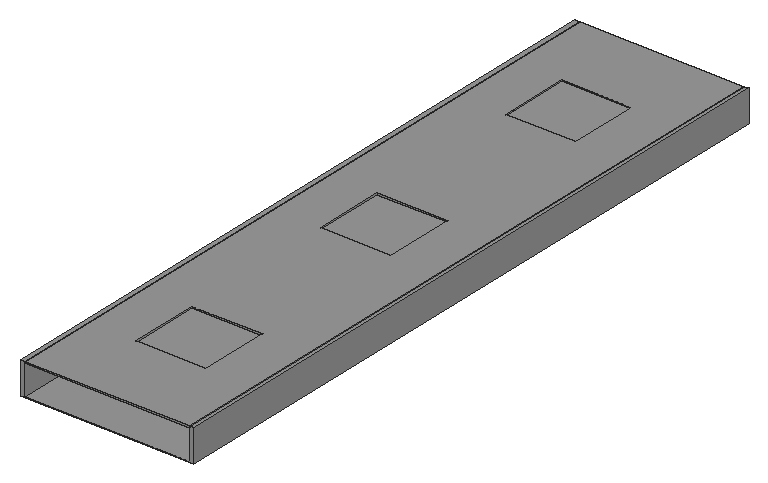
Revit family "OKA-W, Kanaleinheit für GES9, Höhe 60-110mm", category Generic Models, Revit 2015
Parameters (values of type "OKA-W6006050D9")
  Width = 600 mm
  URL = "http://www.obo-bettermann.com"
  Material = Steel, Galvanized
  Manufacturer Art. No. = "7424724"
  Manufacturer = "OBO Bettermann"
  Length [instance] = 2400 mm
  HeightCalc [instance] = if(Height < 60 mm, 60 mm, (if(Height > 110 mm, 110 mm, Height)))  # 110 mm
  Height [instance] = 110 mm
  GTIN = "4012195244905"
  Cut's number = 3
  Article Type = "OKA-W6006050D9"
Types (4, lengths in mm): name | Width | Manufacturer Art. No. | GTIN | Article Type
  (no name) | 600 | "7424724" | "4012195244905" | "OKA-W6006050D9"
  OKA-W4006050D9 | 400 | "7424720" | "4012195244868" | "OKA-W4006050D9"
  OKA-W5006050D9 | 500 | "7424722" | "4012195244899" | "OKA-W5006050D9"
  OKA-W6006050D9 | 600 | "7424724" | "4012195244905" | "OKA-W6006050D9"
Reference planes
  plane 1 "Center (Front/Back)": y = 0
  plane 2: z = 0
  plane 3 "Center (Left/Right)": x = 0
  plane 4: z = 110
  plane 5: y = -2400
  plane 6: x = 300
  plane 7: x = -300
Forms (mm)
  Extrusion 1, solid, material "Aluminum 6061"
    sketch origin (0, 0, 0) x (1, 0, 0) y (0, 0, 1)
      loop
        line (285, 110) -> (285, 1) -> (-285, 1) -> (-285, 110) -> (-300, 110) -> (-300, 0) -> (300, 0) -> (300, 110) -> (285, 110)
    from 0 to 2400
  Extrusion 2, solid, material "Steel, Galvanized" <- "Material"
    sketch origin (0, 0, 0) x (1, 0, 0) y (0, 0, 1)
      loop
        line (285, 106) -> (285, 110) -> (-285, 110) -> (-285, 106) -> (285, 106)
    from 0 to 2400
  Extrusion 3, void
    sketch origin (0, 0, 0) x (1, 0, 0) y (0, 1, 0)
      loop
        line (-122, -1879.75) -> (-122, -2123.75) -> (122, -2123.75) -> (122, -1879.75) -> (-122, -1879.75)
    from 106 to 110
  Extrusion 4, void
    sketch origin (0, 800, 0) x (1, 0, 0) y (0, 1, 0)
      loop
        line (-122, -1879.75) -> (-122, -2123.75) -> (122, -2123.75) -> (122, -1879.75) -> (-122, -1879.75)
    from 106 to 110
  Extrusion 5, void
    sketch origin (0, 1600, 0) x (1, 0, 0) y (0, 1, 0)
      loop
        line (-122, -1879.75) -> (-122, -2123.75) -> (122, -2123.75) -> (122, -1879.75) -> (-122, -1879.75)
    from 106 to 110
Cuts and joins
  Extrusion 3 cuts Extrusion 1
  Extrusion 3, Extrusion 4, Extrusion 5 cuts Extrusion 2
Lines and regions (mm)
  model lines
    curve 1: line (-300, 0, 110) -> (-285, 0, 110)
    curve 2: line (-285, 0, 110) -> (-285, 0, 0)
    curve 3: line (-285, 0, 0) -> (-535, 0, 0)
    curve 4: line (-535, 0, 0) -> (-535, 0, 1)
    curve 5: line (-535, 0, 1) -> (-300, 0, 1)
    curve 6: line (-300, 0, 1) -> (-300, 0, 110)
    curve 7: line (285, 0, 110) -> (285, 0, 0)
    curve 8: line (285, 0, 0) -> (535, 0, 0)
    curve 9: line (535, 0, 0) -> (535, 0, 1)
    curve 10: line (535, 0, 1) -> (300, 0, 1)
    curve 11: line (300, 0, 1) -> (300, 0, 110)
    curve 12: line (300, 0, 110) -> (285, 0, 110)
    curve 13: line (285, 0, 110) -> (285, 0, 0)
    curve 14: line (-285, 0, 0) -> (-285, 0, 110)
    curve 15: line (-285, 0, 110) -> (285, 0, 110)
    curve 16: line (-285, 0, 106) -> (285, 0, 106)
Dimensions and locks
  locked: curve 5 to curve 3 at 1
  locked: curve 2 to curve 6 at 15
  locked: curve 10 to curve 8 at 1
  locked: curve 2 to curve 4 at 250
  locked: curve 9 to curve 7 at 250
  locked: curve 11 to curve 7 at 15
  "Length": plane 1 "Center (Front/Back)" to plane 5
  equal spacing: plane 7, plane 3 "Center (Left/Right)", plane 6
  "Width": plane 7 to plane 6
  "HeightCalc": level to plane 4
  locked: curve 16 to curve 15 at 4
  locked: Extrusion 3 sketch curve to Extrusion 3 sketch curve at 244  (x2)
  locked: Extrusion 4 sketch curve to Extrusion 4 sketch curve at 244  (x2)
  equal spacing: group 1, group 2, group 3  (x3)
  locked: Extrusion 5 sketch curve to Extrusion 5 sketch curve at 244  (x2)
  aligned and locked: level to plane 2
  aligned and locked: level to curve 3
  aligned and locked: curve 6 to plane 7
  aligned and locked: curve 11 to plane 6
  aligned and locked: plane 4 to curve 1
  aligned and locked: curve 8 to level
  aligned and locked: Extrusion 1 sketch curve to curve 13
  aligned and locked: Extrusion 1 sketch curve to curve 12
  aligned and locked: Extrusion 1 sketch curve to curve 11
  aligned and locked: Extrusion 1 sketch curve to curve 6
  aligned and locked: curve 14 to Extrusion 1 sketch curve
  aligned and locked: Extrusion 1 sketch curve to curve 1
  aligned and locked: Extrusion 1 to plane 5
  aligned and locked: Extrusion 2 sketch curve to curve 16
  aligned and locked: Extrusion 2 sketch curve to curve 15
  aligned and locked: Extrusion 2 sketch curve to curve 2
  aligned and locked: Extrusion 2 sketch curve to curve 7
  aligned and locked: Extrusion 2 to plane 5
  aligned and locked: curve 5 to Extrusion 1 sketch curve
  aligned and locked: Extrusion 3 to Extrusion 1
  aligned and locked: Extrusion 3 to curve 16
Automatic sketch dimensions
  Extrusion 1 sketch curve to level = 0 mm
